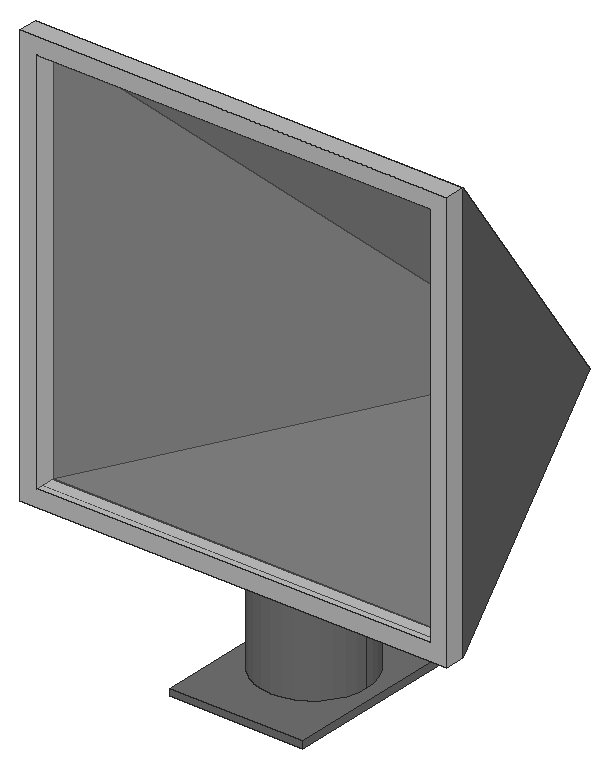
Revit family "M2WD", category Lighting Fixtures, host Face, Revit 2021
Family settings
  Host = Face
  Round Connector Dimension = Use Diameter
  Part Type = Normal
  OmniClass Number = 23.80.70.14.14
  OmniClass Title = Exterior Floodlights
  Cut with Voids When Loaded = No
  Light Source = Yes
  Shared = Yes
  Room Calculation Point = No
Parameters (values of type "M2WD-T2-32LED-3K-700")
  Wattage Comments = "57 and 70 watts High Output Fluorescent"
  Wattage = 182 W
  built-in parameter 1150110 = 1 (stored number, unit not read)
  Voltage = 120 V
  URL = "https://www.currentlighting.com/aal"
  built-in parameter 1114217 = 1 (stored number, unit not read)
  Tilt Angle = 0.00°
  built-in parameter 1150109 = 1 (stored number, unit not read)
  built-in parameter 1150134 = 12
  built-in parameter 1150113 = 1 (stored number, unit not read)
  Product Page URL = ""
  Product Documentation Link = ""
  Photometric Web File = "M2-T2-32LED-3K-700.ies"
  Model = "M2WD"  # constant formula
  Manufacturer = "Architectural Area Lighting"  # constant formula
  built-in parameter 1150105 = 1074.6 (stored number, unit not read)
  Lumens = 13504.4 lm
  built-in parameter 1150115 = 1 (stored number, unit not read)
  built-in parameter 1150137 = (empty or 0)
  built-in parameter 1150139 = (empty or 0)
  built-in parameter 1150112 = 1 (stored number, unit not read)
  built-in parameter 1150114 = 1 (stored number, unit not read)
  Lamp = "One"
  built-in parameter 1150132 = (empty or 0)
  built-in parameter 1150102 = (empty or 0)
  built-in parameter 1150107 = 4000 (stored number, unit not read)
  built-in parameter 1150138 = (empty or 0)
  built-in parameter 1150106 = 10.746 (stored number, unit not read)
  Glass = Glass-Finish
  Finish 2 = Silicon Gasket
  Finish = Die Cast Aluminium
  built-in parameter 1150104 = 6.8934 (stored number, unit not read)
  Dimming Lamp Color Temperature Shift = <None>
  Description = "Horizontal reflector downlight"  # constant formula
  Default Elevation = 60"
  Color Filter = 16777215
  built-in parameter 1114218 = 1 (stored number, unit not read)
  built-in parameter 1150133 = 10 (stored number, unit not read)
  Apparent Load = 0 VA
Types (22): name | Photometric Web File
  M2WD-T2-32LED-3K-700 | "M2-T2-32LED-3K-700.ies"
  M2WD-T3-32LED-3K-700 | "M2-T3-32LED-3K-700.ies"
  M2WD-T4-32LED-3K-700 | "M2-T4-32LED-3K-700.ies"
  M2WD-T4-32LED-3K-HSS-700 | "M2-T4-32LED-3K-HSS-700.ies"
  M2WD-T5-32LED-3K-700 | "M2-T5-32LED-3K-700.ies"
  M2WD-TL-32LED-3K-700 | "M2-TL-32LED-3K-700.ies"
  M2WD-TR-32LED-3K-700 | "M2-TR-32LED-3K-700.ies"
  M2WD-T2-32LED-4K-700 | "M2-T2-32LED-4K-700.ies"
  M2WD-T3-32LED-4K-700 | "M2-T3-32LED-4K-700.ies"
  M2WD-T4-32LED-4K-700 | "M2-T4-32LED-4K-700.ies"
  M2WD-T4-32LED-4K-HSS-700 | "M2-T4-32LED-4K-HSS-700.ies"
  M2WD-T5-32LED-4K-700 | "M2-T5-32LED-4K-700.ies"
  M2WD-TL-32LED-4K-700 | "M2-TL-32LED-4K-700.ies"
  M2WD-TR-32LED-4K-700 | "M2-TR-32LED-4K-700.ies"
  M2WD-T2-32LED-5K-700 | "M2-T2-32LED-5K-700.ies"
  M2WD-T2-32LED-5K-HSS-700 | "M2-T2-32LED-5K-HSS-700.ies"
  M2WD-T3-32LED-5K-700 | "M2-T3-32LED-5K-700.ies"
  M2WD-T4-32LED-5K-700 | "M2-T4-32LED-5K-700.ies"
  M2WD-T4-32LED-5K-HSS-700 | "M2-T4-32LED-5K-HSS-700.ies"
  M2WD-T5-32LED-5K-700 | "M2-T5-32LED-5K-700.ies"
  M2WD-TL-32LED-5K-700 | "M2-TL-32LED-5K-700.ies"
  M2WD-TR-32LED-5K-700 | "M2-TR-32LED-5K-700.ies"
Reference planes (in)
  plane 1 "Center (Front/Back)": y = 0
  plane 2: z = 0
  plane 3 "Center (Left/Right)": x = 0
  plane 4: x = -8
  plane 5: x = 8
  plane 6: y = 16.75
  plane 7: z = 20.5
  plane 8: y = 1.25
  plane 9: y = 6
  plane 10: z = 4.68959
  plane 11: y = 0.75
  plane 12: y = 3.75
Forms (in)
  Extrusion 1, solid, material "Die Cast Aluminium" <- "Finish"
    sketch origin (0, 0, 0) x (1, 0, 0) y (0, 1, 0)
      loop
        line (-8, 0.75) -> (8, 0.75) -> (0, 16.75) -> (-8, 0.75)
    from 4.68959 to 20.5
  Extrusion 2, void
    sketch origin (0, 0, 0) x (0, 1, 0) y (0, 0, 1)
      loop
        line (16.75, 20.5) -> (0.75, 20.5) -> (16.75, 4.5) -> (16.75, 20.5)
    from -8 to 8
  Sweep 3, solid, material "Silicon Gasket" <- "Finish 2"
    path origin (0, 0, 0) x (1, 0, 0) y (0, 0, 1)
      loop
        line (-8, 20.5) -> (-8, 4.68959) -> (8, 4.68959) -> (8, 20.5) -> (-8, 20.5)
    profile origin (0, 0, 20.5) x (0, 0, 1) y (0, -1, 0)
      loop
        line (0, 0) -> (-0.61433, 0) -> (-0.61433, -0.75) -> (0, -0.75) -> (0, 0)
  Blend 4, void
    base sketch origin (0, 0, 0) x (1, 0, 0) y (0, 0, 1)
      loop
        line (-7.38567, 19.88567) -> (-7.38567, 5.30392) -> (7.38567, 5.30392) -> (7.38567, 19.88567) -> (-7.38567, 19.88567)
    top sketch origin (0, 0, 0) x (1, 0, 0) y (0, 0, 1)
      loop
        line (-1.25, 7.77184) -> (-1.25, 5.30392) -> (1.25, 5.30392) -> (1.25, 7.77184) -> (-1.25, 7.77184)
    from -0.75 to -12.84629
  Revolve 5, solid, material "Die Cast Aluminium" <- "Finish"
    sketch origin (-4.69384, 3.75, 48) x (-1, 0, 0) y (0, 0, 1)
      loop
        line (-4.69384, -43.31041) -> (-6.69384, -43.31041) -> (-6.69384, -48) -> (-4.69384, -48) -> (-4.69384, -43.31041)
      axis (-4.69384, -43.31041) -> (-4.69384, -48)
    angle from 0 to 360
  Extrusion 6, solid, material "Glass-Finish" <- "Glass"
    sketch origin (0, 0, 0) x (1, 0, 0) y (0, 0, 1)
      loop
        line (-7.38567, 5.30392) -> (7.38567, 5.30392) -> (7.38567, 19.88567) -> (-7.38567, 19.88567) -> (-7.38567, 5.30392)
    from 0 to -0.25
  Extrusion 7, solid, material "Die Cast Aluminium" <- "Finish"
    sketch origin (0, 0, 0) x (1, 0, 0) y (0, 1, 0)
      loop
        line (-2.5, 7.375) -> (-2.5, 0.125) -> (2.5, 0.125) -> (2.5, 7.375) -> (-2.5, 7.375)
    from 0 to 0.25
Cuts and joins
  Extrusion 2, Blend 4 cuts Extrusion 1
  joined: Extrusion 1, Revolve 5, Extrusion 7
Dimensions and locks (in)
  equal spacing: plane 4, plane 3 "Center (Left/Right)", plane 5
  plane 4 to plane 5 = 16"
  plane 6 to plane 1 "Center (Front/Back)" = 16 3/4"
  plane 7 to plane 2 = 20 1/2"
  Extrusion 6 sketch curve to Extrusion 6 sketch curve = 14.58174"
  aligned and locked: plane 2 to host face
  aligned and locked: level to host face
  aligned and locked: plane 7 to Extrusion 1
  aligned and locked: Extrusion 1 to plane 10
  aligned and locked: Extrusion 2 to plane 4
  aligned and locked: plane 5 to Extrusion 2
  aligned and locked: plane 11 to cut or joined group of Extrusion 1, Extrusion 2, Blend 4, Revolve 5, Extrusion 7
  aligned and locked: profile plane to Sweep 3 sketch curve
  aligned and locked: Sweep 3 sketch curve to profile plane
  aligned and locked: plane 11 to Sweep 3 sketch curve
  aligned and locked: plane 1 "Center (Front/Back)" to Sweep 3
  aligned and locked: Sweep 3 to plane 11
  aligned and locked: Sweep 3 to plane 10
  aligned and locked: plane 7 to Sweep 3
  aligned and locked: cut or joined group of Extrusion 1, Extrusion 2, Blend 4, Revolve 5, Extrusion 7 to Blend 4
  aligned and locked: Revolve 5 sketch curve to Revolve 5 sketch curve
  aligned and locked: imposter light to plane 3 "Center (Left/Right)"
  aligned and locked: Extrusion 6 sketch curve to cut or joined group of Extrusion 1, Extrusion 2, Blend 4, Revolve 5, Extrusion 7  (x3)
Automatic sketch dimensions
  host sketch curve to host sketch curve = 96"  (x2)
  Extrusion 2 sketch curve to plane 7 = 0"
  Extrusion 2 sketch curve to plane 6 = 0"
  Extrusion 2 sketch curve to plane 10 = 0.18959"
  plane 8 to Extrusion 2 sketch curve = 1/2"
  Extrusion 1 sketch curve to plane 4 = 0"
  Extrusion 1 sketch curve to plane 3 "Center (Left/Right)" = 0"
  Extrusion 1 sketch curve to plane 5 = 0"
  Extrusion 1 sketch curve to plane 6 = 0"
  plane 11 to Extrusion 1 sketch curve = 0"
  profile plane to Sweep 3 sketch curve = 0.61433"
  plane 10 to Blend 4 sketch curve = 0.61433"  (x2)
  Blend 4 sketch curve to plane 3 "Center (Left/Right)" = 1 1/4"
  plane 3 "Center (Left/Right)" to Blend 4 sketch curve = 1 1/4"
  Blend 4 sketch curve to Blend 4 sketch curve = 2.46791"
  Sweep 3 sketch curve to plane 4 = 0"
  Sweep 3 sketch curve to plane 5 = 0"
  Sweep 3 sketch curve to plane 10 = 0"
  Sweep 3 sketch curve to plane 7 = 0"
  plane 4 to Blend 4 sketch curve = 0.61433"
  Blend 4 sketch curve to plane 5 = 0.61433"
  Blend 4 sketch curve to plane 7 = 0.61433"
  Revolve 5 sketch curve to plane 10 = 0"
  Revolve 5 sketch curve to level = 0"
  Revolve 5 sketch curve to plane 3 "Center (Left/Right)" = 0"
  Revolve 5 sketch curve to Revolve 5 sketch curve = 2"
  level to Revolve 5 sketch curve = 1.43959"
  Revolve 5 sketch curve to Revolve 5 sketch curve = 3/4"
  Extrusion 7 sketch curve to plane 5 = 10 1/2"
  Extrusion 7 sketch curve to Extrusion 7 sketch curve = 5"
  plane 9 to Extrusion 7 sketch curve = 5 7/8"
  Extrusion 7 sketch curve to plane 6 = 9 3/8"
Connectors (in)
  electrical at (0, 3.75, 0), driven by "Voltage", driven by "Description"
    settings: on cut or joined group of Extrusion 1, Extrusion 2, Blend 4, Revolve 5, Extrusion 7, index 1, voltage 120 V, apparent load 0 VA, apparent load phase1 0 VA, apparent load phase2 0 VA, apparent load phase3 0 VA, power factor 1, load classification "Other", number of poles 1, system type 30, power factor state 1, is connector primary yes, connector utility no, sub classification motor no, connector description "Horizontal reflector downlight"
